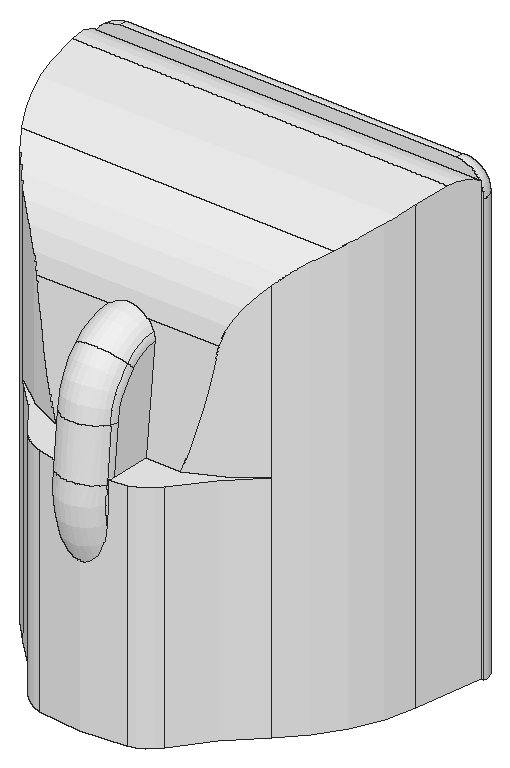
Revit family "Plumbing-Lavatories-Sloan-Valve-SS3200_", category Plumbing Fixtures, host Face, Revit 2019
Family settings
  Host = Face
  Round Connector Dimension = Use Diameter
  Part Type = Normal
  OmniClass Number = 23.45.05.14.14
  OmniClass Title = Sinks/Lavatories
  Cut with Voids When Loaded = Yes
  Shared = No
  Room Calculation Point = No
Parameters (values of type "SS-3200")
  Width = 21"  # constant formula
  Water Flow = 0 GPM
  Waste Connection = yes
  WFU = 3
  Vent Connection = yes
  Valve Pressure Drop = 0.00 psi
  URL = "www.sloanvalve.com"
  Sanitary Drain Connector Description = "Sanitary Drain Connector d3\""
  Sanitary Drain Connection Diameter = 3"  # constant formula
  Product data url = "https://bimobject.com/sloan_valve/product/lavatories_sloan_ss-3200"
  Product Material = Sloan Valve - Vitreous China - White
  Product Guid = ""
  Part Number = "3873200"
  Model = "SS-3200"
  Manufacturer = "Sloan Valve"  # constant formula
  Keynote = "10000"
  Installation Height [instance] = 28"  # constant formula
  Height = 15 7/8"  # constant formula
  HWFU = 0
  HW Connection = yes
  Edition number = 1
  Description = "Vitreous China Healthcare Service Sink."
  Depth = 24 7/8"  # constant formula
  Default Elevation = 0"
  Cold Water Connector Description = "Cold Water Connector d1\""
  Cold Water Connection Diameter = 1"  # constant formula
  CWFU = 3
  CW Connection = yes
  Assembly Code = "D2010400"
  ADA Compliant [instance] = 1 = 2  # no
Types (3): name | Product Material | Part Number | Model | Description
  (no name) | Sloan Valve - Vitreous China - White | "3873200" | "SS-3200" | "Vitreous China Healthcare Service Sink."
  SS-3200 | Sloan Valve - Vitreous China - White | "3873200" | "SS-3200" | "Vitreous China Healthcare Service Sink."
  SS-3200-STG | Sloan Valve - Vitreous China - SloanTec Glaze White | "3873205" | "SS-3200-STG" | "Vitreous China Healthcare Service Sink with SloanTec® Glaze."
Reference planes
  plane 1 "Center (Front/Back)": y = 0
  plane 2: z = 0
  plane 3 "Center (Left/Right)": x = 0
  plane 4: x = -225.425
  plane 5: x = 225.425
  plane 6: y = 711.2
  plane 7: x = -225.425
  plane 8: x = 225.425
  plane 9: y = 255.993
Forms (mm)
  Extrusion 1, solid, material "Sloan Valve - Vitreous China - White" <- "Product Material"
    sketch origin (0, 715.72, 0) x (1, 0, 0) y (0, 1, 0)
      loop
        line (265.852, -25.4) -> (-265.852, -25.4) -> (-251.07, -118.733)
        arc (-251.07, -118.733) -> (-223.629, -199.827) -> (-170.824, -267.213) r 254.199
        arc (-170.824, -267.213) -> (0, -333.166) -> (170.824, -267.213) r 254.199
        arc (170.824, -267.213) -> (223.629, -199.827) -> (251.07, -118.733) r 254.199
        line (251.07, -118.733) -> (265.852, -25.4)
    from 651.121 to -0.794
  Revolve 2, solid, material "Sloan Valve - Finish - Stainless Steel"
    sketch origin (0, 715.72, 0) x (0, 1, 0) y (0, 0, 1)
      loop
        line (0, 69.85) -> (7.968, 69.85) -> (7.968, 98.888) -> (1.618, 98.888) -> (1.618, 105.238) -> (0, 105.238) -> (0, 69.85)
      axis (0, 69.85) -> (7.968, 69.85)
    angle from 0 to 360
  Sweep 3, solid, material "Sloan Valve - Vitreous China - White" <- "Product Material"
    path origin (0, 715.72, 0) x (1, 0, 0) y (0, 0, 1)
      loop
        line (269.875, 0) -> (269.875, 593.725)
        arc (269.875, 593.725) -> (258.716, 620.666) -> (231.775, 631.825) r 38.1
        line (231.775, 631.825) -> (-231.775, 631.825)
        arc (-231.775, 631.825) -> (-258.716, 620.666) -> (-269.875, 593.725) r 38.1
        line (-269.875, 593.725) -> (-269.875, 0)
    profile origin (269.875, 715.72, 296.863) x (-1, 0, 0) y (0, -1, 0)
      loop
        arc (0, 25.4) -> (5.403, 7.651) -> (22.305, 0) r 22.493
        line (22.305, 0) -> (31.75, 0) -> (31.75, 25.4) -> (0, 25.4)
  Extrusion 4, solid, material "Sloan Valve - Vitreous China - White" <- "Product Material"
    sketch origin (0, 715.72, 0) x (1, 0, 0) y (0, 0, 1)
      loop
        arc (238.125, 593.725) -> (236.265, 598.215) -> (231.775, 600.075) r 6.35
        line (231.775, 600.075) -> (-231.775, 600.075)
        arc (-231.775, 600.075) -> (-236.265, 598.215) -> (-238.125, 593.725) r 6.35
        line (-238.125, 593.725) -> (-238.125, 0) -> (238.125, 0) -> (238.125, 593.725)
      loop
        line (181.803, 567.612) -> (-181.803, 567.612)
        arc (-181.803, 567.612) -> (-199.763, 560.173) -> (-207.203, 542.212) r 25.4
        line (-207.203, 542.212) -> (-207.203, 199.181)
        arc (-207.203, 199.181) -> (-200.367, 181.846) -> (-183.538, 173.841) r 25.4
        arc (-183.538, 173.841) -> (0, 167.562) -> (183.538, 173.841) r 2685.713
        arc (183.538, 173.841) -> (200.367, 181.846) -> (207.203, 199.181) r 25.4
        line (207.203, 199.181) -> (207.203, 542.212)
        arc (207.203, 542.212) -> (199.763, 560.173) -> (181.803, 567.612) r 25.4
    from 25.4 to 0
  Extrusion 5, void
    sketch origin (0, 715.72, 0) x (0, 1, 0) y (0, 0, 1)
      loop
        arc (-72.626, 626.59) -> (-41.781, 622.698) -> (-15.141, 606.671) r 75.266
        line (-15.141, 606.671) -> (-15.141, 651.121) -> (-338.952, 651.121) -> (-338.952, 164.381)
        arc (-338.952, 164.381) -> (-317.688, 323.079) -> (-300.138, 482.23) r 6852.507
        arc (-300.138, 482.23) -> (-273.505, 550.064) -> (-215.256, 593.858) r 133.715
        arc (-215.256, 593.858) -> (-145.114, 615.335) -> (-72.626, 626.59) r 513.06
    from 269.875 to -269.875
  Extrusion 6, solid, material "Sloan Valve - Vitreous China - White" <- "Product Material"
    sketch origin (0, 715.72, 0) x (1, 0, 0) y (0, 1, 0)
      loop
        arc (-251.07, -118.733) -> (-223.629, -199.827) -> (-170.824, -267.213) r 254.199
        arc (-170.824, -267.213) -> (-130.007, -308.671) -> (-94.107, -354.452) r 517.088
        arc (-94.107, -354.452) -> (-79.329, -368.846) -> (-60.27, -376.739) r 54.67
        arc (-60.27, -376.739) -> (-0.132, -382.9) -> (60.022, -376.901) r 300.547
        arc (60.022, -376.901) -> (79.182, -369.01) -> (94.033, -354.558) r 54.706
        arc (94.033, -354.558) -> (129.965, -308.72) -> (170.824, -267.213) r 517.088
        arc (170.824, -267.213) -> (223.629, -199.827) -> (251.07, -118.733) r 254.199
        line (251.07, -118.733) -> (265.852, -25.4) -> (-265.852, -25.4) -> (-251.07, -118.733)
    from 320.832 to -0.794
  Sweep 7, solid, material "Sloan Valve - Vitreous China - White" <- "Product Material"
    path origin (0, 715.72, 0) x (0, 1, 0) y (0, 0, 1)
      loop
        arc (-230.796, 470.805) -> (-297.618, 494.337) -> (-363.011, 467.086) r 98.792
        arc (-363.011, 467.086) -> (-389.023, 430.864) -> (-400.05, 387.655) r 120.28
        arc (-400.05, 387.655) -> (-402.962, 352.845) -> (-407.267, 318.179) r 871.496
        arc (-407.267, 318.179) -> (-388.138, 213.136) -> (-309.522, 140.891) r 167.822
    profile origin (0, 326.698, 430.864) x (0, 0.906308, -0.422618) y (1, 0, 0)
      loop
        arc (29.699, -37.427) -> (31.801, -37.931) -> (33.956, -38.1) r 13.798
        line (33.956, -38.1) -> (41.745, -38.1) -> (41.745, 38.1) -> (36.22, 38.1)
        arc (36.22, 38.1) -> (30.575, 37.481) -> (25.199, 35.655) r 26.064
        arc (25.199, 35.655) -> (2.565, -2.418) -> (29.699, -37.427) r 39.346
  Extrusion 8, solid, material "Sloan Valve - Vitreous China - White" <- "Product Material"
    sketch origin (0, 715.72, 0) x (0, 1, 0) y (0, 0, 1)
      loop
        arc (-334.204, 436.872) -> (-351.188, 413.222) -> (-358.388, 385.009) r 78.535
        arc (-358.388, 385.009) -> (-361.44, 348.531) -> (-365.951, 312.205) r 913.241
        arc (-365.951, 312.205) -> (-342.24, 218.793) -> (-259.473, 169.422) r 126.076
        line (-259.473, 169.422) -> (-259.473, 440.344)
        arc (-259.473, 440.344) -> (-297.487, 452.569) -> (-334.204, 436.872) r 57.046
    from 38.1 to -38.1
  Extrusion 9, void
    sketch origin (0, 715.72, 0) x (1, 0, 0) y (0, 1, 0)
      loop
        line (-225.425, -25.4) -> (-220.087, -63.381)
        arc (-220.087, -63.381) -> (0, -254.7) -> (220.087, -63.381) r 222.25
        line (220.087, -63.381) -> (225.425, -25.4) -> (-225.425, -25.4)
    from 567.612 to 147.422
  Extrusion 10, void
    sketch origin (0, 715.72, 0) x (1, 0, 0) y (0, 0, 1)
      loop
        line (269.875, 12.7) -> (269.875, 631.825) -> (-269.875, 631.825) -> (-269.875, 12.7) -> (-53.975, 12.7) -> (-53.975, 64.99)
        arc (-53.975, 64.99) -> (0, 118.965) -> (53.975, 64.99) r 53.975
        line (53.975, 64.99) -> (53.975, 12.7) -> (269.875, 12.7)
    from 4.52 to -0.794
  Extrusion 11, solid, not visible
    sketch origin (0, 715.72, 0) x (1, 0, 0) y (0, 1, 0)
      loop
        circle (0, -177.8) r 38.1
      loop
        circle (120.65, 609.6) r 12.7
    from 0 to 1.017
  Extrusion 12, void
    sketch origin (0, 455.207, 0) x (0, 1, 0) y (0, 0, 1)
      loop
        line (270.066, 0) -> (-136.334, 0) -> (-136.334, -31.75) -> (270.066, -31.75) -> (270.066, 0)
    from -284.7 to 283.766
  Extrusion 13, solid, material "Sloan Valve - Vitreous China - White" <- "Product Material", not visible
    sketch origin (0, 260.513, 0) x (1, 0, 0) y (0, 1, 0)
      loop
        line (265.852, -25.4) -> (-265.852, -25.4) -> (-251.07, -118.733)
        arc (-251.07, -118.733) -> (-223.629, -199.827) -> (-170.824, -267.213) r 254.199
        arc (-170.824, -267.213) -> (0, -333.166) -> (170.824, -267.213) r 254.199
        arc (170.824, -267.213) -> (223.629, -199.827) -> (251.07, -118.733) r 254.199
        line (251.07, -118.733) -> (265.852, -25.4)
    from 651.121 to -0.794
  Revolve 14, solid, material "Sloan Valve - Finish - Stainless Steel", not visible
    sketch origin (0, 260.513, 0) x (0, 1, 0) y (0, 0, 1)
      loop
        line (0, 69.85) -> (7.968, 69.85) -> (7.968, 98.888) -> (1.618, 98.888) -> (1.618, 105.238) -> (0, 105.238) -> (0, 69.85)
      axis (0, 69.85) -> (7.968, 69.85)
    angle from 0 to 360
  Sweep 15, solid, material "Sloan Valve - Vitreous China - White" <- "Product Material", not visible
    path origin (0, 260.513, 0) x (1, 0, 0) y (0, 0, 1)
      loop
        line (269.875, 0) -> (269.875, 593.725)
        arc (269.875, 593.725) -> (258.716, 620.666) -> (231.775, 631.825) r 38.1
        line (231.775, 631.825) -> (-231.775, 631.825)
        arc (-231.775, 631.825) -> (-258.716, 620.666) -> (-269.875, 593.725) r 38.1
        line (-269.875, 593.725) -> (-269.875, 0)
    profile origin (269.875, 260.513, 296.862) x (-1, 0, 0) y (0, -1, 0)
      loop
        arc (0, 25.4) -> (5.403, 7.651) -> (22.305, 0) r 22.493
        line (22.305, 0) -> (31.75, 0) -> (31.75, 25.4) -> (0, 25.4)
  Extrusion 16, solid, material "Sloan Valve - Vitreous China - White" <- "Product Material", not visible
    sketch origin (0, 260.513, 0) x (1, 0, 0) y (0, 0, 1)
      loop
        arc (238.125, 593.725) -> (236.265, 598.215) -> (231.775, 600.075) r 6.35
        line (231.775, 600.075) -> (-231.775, 600.075)
        arc (-231.775, 600.075) -> (-236.265, 598.215) -> (-238.125, 593.725) r 6.35
        line (-238.125, 593.725) -> (-238.125, 0) -> (238.125, 0) -> (238.125, 593.725)
      loop
        line (181.803, 567.612) -> (-181.803, 567.612)
        arc (-181.803, 567.612) -> (-199.763, 560.173) -> (-207.203, 542.212) r 25.4
        line (-207.203, 542.212) -> (-207.203, 199.181)
        arc (-207.203, 199.181) -> (-200.367, 181.846) -> (-183.538, 173.841) r 25.4
        arc (-183.538, 173.841) -> (0, 167.562) -> (183.538, 173.841) r 2685.713
        arc (183.538, 173.841) -> (200.367, 181.846) -> (207.203, 199.181) r 25.4
        line (207.203, 199.181) -> (207.203, 542.212)
        arc (207.203, 542.212) -> (199.763, 560.173) -> (181.803, 567.612) r 25.4
    from 25.4 to 0
  Extrusion 17, void, not visible
    sketch origin (0, 260.513, 0) x (0, 1, 0) y (0, 0, 1)
      loop
        arc (-72.626, 626.59) -> (-41.781, 622.698) -> (-15.141, 606.671) r 75.266
        line (-15.141, 606.671) -> (-15.141, 651.121) -> (-338.952, 651.121) -> (-338.952, 164.381)
        arc (-338.952, 164.381) -> (-317.688, 323.079) -> (-300.138, 482.23) r 6852.507
        arc (-300.138, 482.23) -> (-273.505, 550.064) -> (-215.256, 593.858) r 133.715
        arc (-215.256, 593.858) -> (-145.114, 615.335) -> (-72.626, 626.59) r 513.06
    from 269.875 to -269.875
  Extrusion 18, solid, material "Sloan Valve - Vitreous China - White" <- "Product Material", not visible
    sketch origin (0, 260.513, 0) x (1, 0, 0) y (0, 1, 0)
      loop
        arc (-251.07, -118.733) -> (-223.629, -199.827) -> (-170.824, -267.213) r 254.199
        arc (-170.824, -267.213) -> (-130.007, -308.671) -> (-94.107, -354.452) r 517.088
        arc (-94.107, -354.452) -> (-79.329, -368.846) -> (-60.27, -376.739) r 54.67
        arc (-60.27, -376.739) -> (-0.132, -382.9) -> (60.022, -376.901) r 300.547
        arc (60.022, -376.901) -> (79.182, -369.01) -> (94.033, -354.558) r 54.706
        arc (94.033, -354.558) -> (129.965, -308.72) -> (170.824, -267.213) r 517.088
        arc (170.824, -267.213) -> (223.629, -199.827) -> (251.07, -118.733) r 254.199
        line (251.07, -118.733) -> (265.852, -25.4) -> (-265.852, -25.4) -> (-251.07, -118.733)
    from 320.832 to -0.794
  Sweep 19, solid, material "Sloan Valve - Vitreous China - White" <- "Product Material", not visible
    path origin (0, 260.513, 0) x (0, 1, 0) y (0, 0, 1)
      loop
        arc (-230.796, 470.805) -> (-297.618, 494.337) -> (-363.011, 467.086) r 98.792
        arc (-363.011, 467.086) -> (-389.023, 430.864) -> (-400.05, 387.655) r 120.28
        arc (-400.05, 387.655) -> (-402.962, 352.845) -> (-407.267, 318.179) r 871.496
        arc (-407.267, 318.179) -> (-388.138, 213.136) -> (-309.522, 140.891) r 167.822
    profile origin (0, -128.509, 430.864) x (0, 0.906308, -0.422618) y (1, 0, 0)
      loop
        arc (29.699, -37.427) -> (31.801, -37.931) -> (33.956, -38.1) r 13.798
        line (33.956, -38.1) -> (41.745, -38.1) -> (41.745, 38.1) -> (36.22, 38.1)
        arc (36.22, 38.1) -> (30.575, 37.481) -> (25.199, 35.655) r 26.064
        arc (25.199, 35.655) -> (2.565, -2.418) -> (29.699, -37.427) r 39.346
  Extrusion 20, solid, material "Sloan Valve - Vitreous China - White" <- "Product Material", not visible
    sketch origin (0, 260.513, 0) x (0, 1, 0) y (0, 0, 1)
      loop
        arc (-334.204, 436.872) -> (-351.188, 413.222) -> (-358.388, 385.009) r 78.535
        arc (-358.388, 385.009) -> (-361.44, 348.531) -> (-365.951, 312.205) r 913.241
        arc (-365.951, 312.205) -> (-342.24, 218.793) -> (-259.473, 169.422) r 126.076
        line (-259.473, 169.422) -> (-259.473, 440.344)
        arc (-259.473, 440.344) -> (-297.487, 452.569) -> (-334.204, 436.872) r 57.046
    from 38.1 to -38.1
  Extrusion 21, void, not visible
    sketch origin (0, 260.513, 0) x (1, 0, 0) y (0, 1, 0)
      loop
        line (-225.425, -25.4) -> (-220.087, -63.381)
        arc (-220.087, -63.381) -> (0, -254.7) -> (220.087, -63.381) r 222.25
        line (220.087, -63.381) -> (225.425, -25.4) -> (-225.425, -25.4)
    from 567.612 to 147.422
  Extrusion 22, void, not visible
    sketch origin (0, 260.513, 0) x (1, 0, 0) y (0, 0, 1)
      loop
        line (269.875, 12.7) -> (269.875, 631.825) -> (-269.875, 631.825) -> (-269.875, 12.7) -> (-53.975, 12.7) -> (-53.975, 64.99)
        arc (-53.975, 64.99) -> (0, 118.965) -> (53.975, 64.99) r 53.975
        line (53.975, 64.99) -> (53.975, 12.7) -> (269.875, 12.7)
    from 4.52 to -0.794
  Extrusion 23, solid, not visible
    sketch origin (0, 260.513, 0) x (1, 0, 0) y (0, 1, 0)
      loop
        circle (0, -177.8) r 38.1
      loop
        circle (120.65, 609.6) r 12.7
    from 0 to 1.017
  Extrusion 24, void, not visible
    sketch origin (0, 0, 0) x (0, 1, 0) y (0, 0, 1)
      loop
        line (270.066, 0) -> (-136.334, 0) -> (-136.334, -31.75) -> (270.066, -31.75) -> (270.066, 0)
    from -284.7 to 283.766
Cuts and joins
  Extrusion 5, Extrusion 9, Extrusion 12 cuts Extrusion 1
  Extrusion 9, Extrusion 10 cuts Sweep 3
  Extrusion 9, Extrusion 10 cuts Extrusion 4
  Extrusion 9, Extrusion 12 cuts Extrusion 6
  Extrusion 9 cuts Sweep 7
  Extrusion 9 cuts Extrusion 8
  joined: Extrusion 1, Sweep 3, Extrusion 4, Extrusion 6, Sweep 7, Extrusion 8
Lines and regions (mm)
  Masking region 1
    outline origin (0, 0, 0) x (1, 0, 0) y (0, 0, 1)
      loop
        line (-269.875, 0) -> (269.875, 0) -> (269.875, 593.725)
        arc (269.875, 593.725) -> (268.856, 602.479) -> (265.852, 610.765) r 38.1
        arc (265.852, 610.765) -> (264.781, 612.758) -> (263.593, 614.683) r 38.1
        arc (263.593, 614.683) -> (249.846, 627.267) -> (231.775, 631.825) r 38.1
        line (231.775, 631.825) -> (-231.775, 631.825)
        arc (-231.775, 631.825) -> (-249.846, 627.267) -> (-263.593, 614.683) r 38.1
        arc (-263.593, 614.683) -> (-264.781, 612.758) -> (-265.852, 610.765) r 38.1
        arc (-265.852, 610.765) -> (-268.856, 602.479) -> (-269.875, 593.725) r 38.1
        line (-269.875, 593.725) -> (-269.875, 0)
  symbolic lines, detail levels medium+fine
    curve 1: arc (-207.203, 0, 199.181) -> (-200.367, 0, 181.846) -> (-183.538, 0, 173.841) r 25.4
    curve 2: arc (-183.538, 0, 173.841) -> (0, 0, 167.562) -> (183.538, 0, 173.841) r 2685.713
    curve 3: arc (183.538, 0, 173.841) -> (200.367, 0, 181.846) -> (207.203, 0, 199.181) r 25.4
    curve 4: line (207.203, 0, 199.181) -> (207.203, 0, 542.212)
    curve 5: arc (207.203, 0, 542.212) -> (199.763, 0, 560.173) -> (181.803, 0, 567.612) r 25.4
    curve 6: line (181.803, 0, 567.612) -> (-181.803, 0, 567.612)
    curve 7: arc (-181.803, 0, 567.612) -> (-199.763, 0, 560.173) -> (-207.203, 0, 542.212) r 25.4
    curve 8: line (-207.203, 0, 542.212) -> (-207.203, 0, 199.181)
  symbolic lines, detail levels fine
    curve 9: line (-53.975, 0, 12.7) -> (-53.975, 0, 64.99)
    curve 10: line (53.975, 0, 64.99) -> (53.975, 0, 12.7)
    curve 11: arc (-53.975, 0, 64.99) -> (0, 0, 118.965) -> (53.975, 0, 64.99) r 53.975
    curve 12: circle (0, 0, 69.85) r 35.388 normal (0, -1, 0)
    curve 13: circle (0, 0, 69.85) r 29.038 normal (0, -1, 0)
    curve 14: line (-53.975, 0, 12.7) -> (-269.875, 0, 12.7)
    curve 15: line (53.975, 0, 12.7) -> (269.875, 0, 12.7)
Dimensions and locks
  Extrusion 4 sketch curve to Extrusion 4 sketch curve = 16.31517"
  Extrusion 16 sketch curve to Extrusion 16 sketch curve = 16.31517"
  "Installation Height": plane 6 to plane 1 "Center (Front/Back)"
  locked: Extrusion 11 sketch curve to Extrusion 11 sketch curve (diameter 1")
  locked: Extrusion 11 sketch curve to Extrusion 11 sketch curve (diameter 3")
  locked: Extrusion 23 sketch curve to Extrusion 23 sketch curve (diameter 1")
  locked: Extrusion 23 sketch curve to Extrusion 23 sketch curve (diameter 3")
  aligned and locked: plane 2 to host face
  aligned and locked: level to host face
  aligned and locked: Sweep 7 to Extrusion 8
  aligned and locked: Extrusion 8 to Sweep 7
Automatic sketch dimensions
  host sketch curve to host sketch curve = 96"  (x2)
  Extrusion 1 sketch curve to Extrusion 1 sketch curve = 0"  (x6)
  Extrusion 1 sketch curve to plane 6 = 0.82204"
  Extrusion 1 sketch curve to plane 6 = 4.49656"  (x2)
  Extrusion 1 sketch curve to Extrusion 1 sketch curve = 0.58199"  (x2)
  Extrusion 1 sketch curve to plane 6 = 2.93099"
  Extrusion 1 sketch curve to Extrusion 1 sketch curve = 9.88463"
  Extrusion 1 sketch curve to Extrusion 1 sketch curve = 3.15929"  (x2)
  plane 6 to Revolve 2 sketch curve = 0.17796"
  Revolve 2 sketch curve to Revolve 2 sketch curve = 0.0637"
  Revolve 2 sketch curve to Revolve 2 sketch curve = 1/4"  (x2)
  Revolve 2 sketch curve to Revolve 2 sketch curve = 1.14324"
  Revolve 2 sketch curve to Revolve 2 sketch curve = 0.43419"
  Revolve 2 sketch curve to Revolve 2 sketch curve = 0.29549"
  Revolve 2 sketch curve to Revolve 2 sketch curve = 0"
  Sweep 3 sketch curve to Sweep 3 sketch curve = 1 1/2"  (x2)
  Sweep 3 sketch curve to Sweep 3 sketch curve = 18 1/4"
  Sweep 3 sketch curve to Sweep 3 sketch curve = 23 3/8"
  Sweep 3 sketch curve to Sweep 3 sketch curve = 0"
  Sweep 3 sketch curve to profile plane = 0"
  profile plane to Sweep 3 sketch curve = 0"
  Sweep 3 sketch curve to profile plane = 0.87814"
  Sweep 3 sketch curve to Sweep 3 sketch curve = 0.37186"
  Sweep 3 sketch curve to Sweep 3 sketch curve = 0.88556"
  Extrusion 4 sketch curve to Extrusion 4 sketch curve = 1/4"
  Extrusion 4 sketch curve to Extrusion 4 sketch curve = 0.96742"
  Extrusion 4 sketch curve to Extrusion 4 sketch curve = 1"  (x4)
  Extrusion 4 sketch curve to Extrusion 4 sketch curve = 9 1/8"
  Extrusion 4 sketch curve to Extrusion 4 sketch curve = 1.96742"
  Extrusion 4 sketch curve to Extrusion 4 sketch curve = 1.21742"
  Extrusion 4 sketch curve to Extrusion 4 sketch curve = 7.84179"  (x2)
  Extrusion 4 sketch curve to Extrusion 4 sketch curve = 13.50514"
  Extrusion 4 sketch curve to Extrusion 4 sketch curve = 2.02807"
  Extrusion 4 sketch curve to Extrusion 4 sketch curve = 88.70868"
  Extrusion 4 sketch curve to Extrusion 4 sketch curve = 0"
  Extrusion 5 sketch curve to plane 6 = 280.12396"
  Extrusion 5 sketch curve to plane 6 = 13.1666"
  Extrusion 5 sketch curve to plane 6 = 6.39945"
  Extrusion 5 sketch curve to plane 6 = 2.43717"
  Extrusion 5 sketch curve to plane 6 = 1.01706"
  Extrusion 5 sketch curve to plane 6 = 0.41815"
  Extrusion 5 sketch curve to Extrusion 5 sketch curve = 1.93331"
  Extrusion 5 sketch curve to Extrusion 5 sketch curve = 11.9979"
  Extrusion 5 sketch curve to Extrusion 5 sketch curve = 3.24615"
  Extrusion 5 sketch curve to Extrusion 5 sketch curve = 2.16895"
  Extrusion 5 sketch curve to Extrusion 5 sketch curve = 1 3/4"
  Extrusion 5 sketch curve to Extrusion 5 sketch curve = 19.78624"
  Extrusion 5 sketch curve to Extrusion 5 sketch curve = 0"  (x2)
  Extrusion 6 sketch curve to Extrusion 6 sketch curve = 0"  (x7)
  Extrusion 6 sketch curve to plane 6 = 25.4181"
  Extrusion 6 sketch curve to plane 6 = 0.82204"
  Extrusion 6 sketch curve to Extrusion 6 sketch curve = 9.93929"
  Extrusion 6 sketch curve to plane 6 = 4.49656"  (x2)
  Extrusion 6 sketch curve to Extrusion 6 sketch curve = 0.58199"  (x2)
  Extrusion 6 sketch curve to Extrusion 6 sketch curve = 7.94536"
  Extrusion 6 sketch curve to plane 6 = 2.93099"
  Extrusion 6 sketch curve to Extrusion 6 sketch curve = 1.93927"
  Extrusion 6 sketch curve to Extrusion 6 sketch curve = 0.01066"
  Extrusion 6 sketch curve to Extrusion 6 sketch curve = 3.87415"
  Extrusion 6 sketch curve to Extrusion 6 sketch curve = 9.87396"
  Extrusion 6 sketch curve to Extrusion 6 sketch curve = 18.47102"
  Extrusion 6 sketch curve to Extrusion 6 sketch curve = 20.92154"
  Extrusion 6 sketch curve to Extrusion 6 sketch curve = 2.20763"
  Extrusion 6 sketch curve to Extrusion 6 sketch curve = 0.0038"
  Extrusion 6 sketch curve to Extrusion 6 sketch curve = 0.13329"
  Sweep 7 sketch curve to plane 6 = 49.81391"
  Sweep 7 sketch curve to plane 6 = 11.4299"
  Sweep 7 sketch curve to Sweep 7 sketch curve = 0.58378"
  Sweep 7 sketch curve to Sweep 7 sketch curve = 1.5291"
  Sweep 7 sketch curve to Sweep 7 sketch curve = 3.38064"
  Sweep 7 sketch curve to Sweep 7 sketch curve = 0.61231"
  Sweep 7 sketch curve to Sweep 7 sketch curve = 1.86249"
  Sweep 7 sketch curve to Sweep 7 sketch curve = 4.42628"
  Sweep 7 sketch curve to Sweep 7 sketch curve = 0"  (x4)
  Sweep 7 sketch curve to Sweep 7 sketch curve = 2.69094"
  Sweep 7 sketch curve to Sweep 7 sketch curve = 2.5214"
  Sweep 7 sketch curve to profile plane = 0"
  Sweep 7 sketch curve to profile plane = 1.33684"
  profile plane to Sweep 7 sketch curve = 0.47386"
  Sweep 7 sketch curve to profile plane = 1.42599"
  Sweep 7 sketch curve to Sweep 7 sketch curve = 0.21753"
  Sweep 7 sketch curve to Sweep 7 sketch curve = 0.22112"
  Sweep 7 sketch curve to profile plane = 0.95675"
  Sweep 7 sketch curve to Sweep 7 sketch curve = 0.54325"
  Sweep 7 sketch curve to Sweep 7 sketch curve = 1.02614"
  Extrusion 8 sketch curve to plane 6 = 49.81391"
  Extrusion 8 sketch curve to plane 6 = 11.4299"
  Extrusion 8 sketch curve to Extrusion 8 sketch curve = 0.58378"
  Extrusion 8 sketch curve to Extrusion 8 sketch curve = 207/256"
  Extrusion 8 sketch curve to Extrusion 8 sketch curve = 1.5291"
  Extrusion 8 sketch curve to Extrusion 8 sketch curve = 4.91107"
  Extrusion 8 sketch curve to Extrusion 8 sketch curve = 3.38064"
  Extrusion 8 sketch curve to Extrusion 8 sketch curve = 0.61231"
  Extrusion 8 sketch curve to Extrusion 8 sketch curve = 1.76221"
  Extrusion 8 sketch curve to Extrusion 8 sketch curve = 0.23697"
  Extrusion 8 sketch curve to Extrusion 8 sketch curve = 0"  (x2)
  Extrusion 9 sketch curve to plane 4 = 0"
  Extrusion 9 sketch curve to plane 5 = 0"
  plane 4 to Extrusion 9 sketch curve = 0.21015"
  Extrusion 9 sketch curve to plane 6 = 1.0996"
  Extrusion 9 sketch curve to Extrusion 9 sketch curve = 8.66485"
  plane 5 to Extrusion 9 sketch curve = 0.21015"
  Extrusion 9 sketch curve to plane 6 = 2.31737"
  Extrusion 9 sketch curve to plane 6 = 0.82204"
  Extrusion 10 sketch curve to Extrusion 10 sketch curve = 8 1/2"
  Extrusion 10 sketch curve to Extrusion 10 sketch curve = 2 1/8"
  Extrusion 10 sketch curve to Extrusion 10 sketch curve = 21 1/4"
  Extrusion 10 sketch curve to Extrusion 10 sketch curve = 0"
  Extrusion 10 sketch curve to Extrusion 10 sketch curve = 2.05865"
  Extrusion 10 sketch curve to Extrusion 10 sketch curve = 22.31635"
  Extrusion 11 sketch curve to plane 6 = 6.82204"
  Extrusion 11 sketch curve to Extrusion 11 sketch curve = 4 3/4"
  plane 6 to Extrusion 11 sketch curve = 24.17796"
  Extrusion 12 sketch curve to plane 6 = 15.44597"
  plane 6 to Extrusion 12 sketch curve = 0.55403"
  Extrusion 12 sketch curve to Extrusion 12 sketch curve = 1 1/4"
  Extrusion 13 sketch curve to Extrusion 13 sketch curve = 0"  (x6)
  Extrusion 13 sketch curve to plane 9 = 0.82204"
  Extrusion 13 sketch curve to plane 9 = 4.49656"  (x2)
  Extrusion 13 sketch curve to Extrusion 13 sketch curve = 0.58199"  (x2)
  Extrusion 13 sketch curve to plane 9 = 2.93099"
  Extrusion 13 sketch curve to Extrusion 13 sketch curve = 9.88463"
  Extrusion 13 sketch curve to Extrusion 13 sketch curve = 3.15929"  (x2)
  plane 9 to Revolve 14 sketch curve = 0.17796"
  Revolve 14 sketch curve to Revolve 14 sketch curve = 0.0637"
  Revolve 14 sketch curve to Revolve 14 sketch curve = 1/4"  (x2)
  Revolve 14 sketch curve to Revolve 14 sketch curve = 1.14324"
  Revolve 14 sketch curve to Revolve 14 sketch curve = 0.43419"
  Revolve 14 sketch curve to Revolve 14 sketch curve = 0.29549"
  Revolve 14 sketch curve to Revolve 14 sketch curve = 0"
  Sweep 15 sketch curve to Sweep 15 sketch curve = 1 1/2"  (x2)
  Sweep 15 sketch curve to Sweep 15 sketch curve = 18 1/4"
  Sweep 15 sketch curve to Sweep 15 sketch curve = 23 3/8"
  Sweep 15 sketch curve to Sweep 15 sketch curve = 0"
  Sweep 15 sketch curve to profile plane = 0"
  profile plane to Sweep 15 sketch curve = 0"
  Sweep 15 sketch curve to profile plane = 0.87814"
  Sweep 15 sketch curve to Sweep 15 sketch curve = 0.37186"
  Sweep 15 sketch curve to Sweep 15 sketch curve = 0.88556"
  Extrusion 16 sketch curve to Extrusion 16 sketch curve = 1/4"
  Extrusion 16 sketch curve to Extrusion 16 sketch curve = 0.96742"
  Extrusion 16 sketch curve to Extrusion 16 sketch curve = 1"  (x4)
  Extrusion 16 sketch curve to Extrusion 16 sketch curve = 9 1/8"
  Extrusion 16 sketch curve to Extrusion 16 sketch curve = 1.96742"
  Extrusion 16 sketch curve to Extrusion 16 sketch curve = 1.21742"
  Extrusion 16 sketch curve to Extrusion 16 sketch curve = 7.84179"  (x2)
  Extrusion 16 sketch curve to Extrusion 16 sketch curve = 13.50514"
  Extrusion 16 sketch curve to Extrusion 16 sketch curve = 2.02807"
  Extrusion 16 sketch curve to Extrusion 16 sketch curve = 88.70868"
  Extrusion 16 sketch curve to Extrusion 16 sketch curve = 0"
  Extrusion 17 sketch curve to plane 9 = 280.12396"
  Extrusion 17 sketch curve to plane 9 = 13.1666"
  Extrusion 17 sketch curve to plane 9 = 6.39945"
  Extrusion 17 sketch curve to plane 9 = 2.43717"
  Extrusion 17 sketch curve to plane 9 = 1.01706"
  Extrusion 17 sketch curve to plane 9 = 0.41815"
  Extrusion 17 sketch curve to Extrusion 17 sketch curve = 1.93331"
  Extrusion 17 sketch curve to Extrusion 17 sketch curve = 11.9979"
  Extrusion 17 sketch curve to Extrusion 17 sketch curve = 3.24615"
  Extrusion 17 sketch curve to Extrusion 17 sketch curve = 2.16895"
  Extrusion 17 sketch curve to Extrusion 17 sketch curve = 1 3/4"
  Extrusion 17 sketch curve to Extrusion 17 sketch curve = 19.78624"
  Extrusion 17 sketch curve to Extrusion 17 sketch curve = 0"  (x2)
  Extrusion 18 sketch curve to Extrusion 18 sketch curve = 0"  (x7)
  Extrusion 18 sketch curve to plane 9 = 25.4181"
  Extrusion 18 sketch curve to plane 9 = 0.82204"
  Extrusion 18 sketch curve to Extrusion 18 sketch curve = 9.93929"
  Extrusion 18 sketch curve to plane 9 = 4.49656"  (x2)
  Extrusion 18 sketch curve to Extrusion 18 sketch curve = 0.58199"  (x2)
  Extrusion 18 sketch curve to Extrusion 18 sketch curve = 7.94536"
  Extrusion 18 sketch curve to plane 9 = 2.93099"
  Extrusion 18 sketch curve to Extrusion 18 sketch curve = 1.93927"
  Extrusion 18 sketch curve to Extrusion 18 sketch curve = 0.01066"
  Extrusion 18 sketch curve to Extrusion 18 sketch curve = 3.87415"
  Extrusion 18 sketch curve to Extrusion 18 sketch curve = 9.87396"
  Extrusion 18 sketch curve to Extrusion 18 sketch curve = 18.47102"
  Extrusion 18 sketch curve to Extrusion 18 sketch curve = 20.92154"
  Extrusion 18 sketch curve to Extrusion 18 sketch curve = 2.20763"
  Extrusion 18 sketch curve to Extrusion 18 sketch curve = 0.0038"
  Extrusion 18 sketch curve to Extrusion 18 sketch curve = 0.13329"
  Sweep 19 sketch curve to plane 9 = 49.81391"
  Sweep 19 sketch curve to plane 9 = 11.4299"
  Sweep 19 sketch curve to Sweep 19 sketch curve = 0.58378"
  Sweep 19 sketch curve to Sweep 19 sketch curve = 1.5291"
  Sweep 19 sketch curve to Sweep 19 sketch curve = 3.38064"
  Sweep 19 sketch curve to Sweep 19 sketch curve = 0.61231"
  Sweep 19 sketch curve to Sweep 19 sketch curve = 1.86249"
  Sweep 19 sketch curve to Sweep 19 sketch curve = 4.42628"
  Sweep 19 sketch curve to Sweep 19 sketch curve = 0"  (x4)
  Sweep 19 sketch curve to Sweep 19 sketch curve = 2.69094"
  Sweep 19 sketch curve to Sweep 19 sketch curve = 2.5214"
  Sweep 19 sketch curve to profile plane = 0"
  Sweep 19 sketch curve to profile plane = 1.33684"
  profile plane to Sweep 19 sketch curve = 0.47386"
  Sweep 19 sketch curve to profile plane = 1.42599"
  Sweep 19 sketch curve to Sweep 19 sketch curve = 0.21753"
  Sweep 19 sketch curve to Sweep 19 sketch curve = 0.22112"
  Sweep 19 sketch curve to profile plane = 0.95675"
  Sweep 19 sketch curve to Sweep 19 sketch curve = 0.54325"
  Sweep 19 sketch curve to Sweep 19 sketch curve = 1.02614"
  Extrusion 20 sketch curve to plane 9 = 49.81391"
  Extrusion 20 sketch curve to plane 9 = 11.4299"
  Extrusion 20 sketch curve to Extrusion 20 sketch curve = 0.58378"
  Extrusion 20 sketch curve to Extrusion 20 sketch curve = 207/256"
  Extrusion 20 sketch curve to Extrusion 20 sketch curve = 1.5291"
  Extrusion 20 sketch curve to Extrusion 20 sketch curve = 4.91107"
  Extrusion 20 sketch curve to Extrusion 20 sketch curve = 3.38064"
  Extrusion 20 sketch curve to Extrusion 20 sketch curve = 0.61231"
  Extrusion 20 sketch curve to Extrusion 20 sketch curve = 1.76221"
  Extrusion 20 sketch curve to Extrusion 20 sketch curve = 0.23697"
  Extrusion 20 sketch curve to Extrusion 20 sketch curve = 0"  (x2)
  Extrusion 21 sketch curve to plane 7 = 0"
  Extrusion 21 sketch curve to plane 8 = 0"
  plane 7 to Extrusion 21 sketch curve = 0.21015"
  Extrusion 21 sketch curve to plane 9 = 1.0996"
  Extrusion 21 sketch curve to Extrusion 21 sketch curve = 8.66485"
  plane 8 to Extrusion 21 sketch curve = 0.21015"
  Extrusion 21 sketch curve to plane 9 = 2.31737"
  Extrusion 21 sketch curve to plane 9 = 0.82204"
  Extrusion 22 sketch curve to Extrusion 22 sketch curve = 8 1/2"
  Extrusion 22 sketch curve to Extrusion 22 sketch curve = 2 1/8"
  Extrusion 22 sketch curve to Extrusion 22 sketch curve = 21 1/4"
  Extrusion 22 sketch curve to Extrusion 22 sketch curve = 0"
  Extrusion 22 sketch curve to Extrusion 22 sketch curve = 2.05865"
  Extrusion 22 sketch curve to Extrusion 22 sketch curve = 22.31635"
  Extrusion 23 sketch curve to plane 9 = 6.82204"
  Extrusion 23 sketch curve to Extrusion 23 sketch curve = 4 3/4"
  plane 9 to Extrusion 23 sketch curve = 24.17796"
  Extrusion 24 sketch curve to plane 9 = 15.44597"
  plane 9 to Extrusion 24 sketch curve = 0.55403"
  Extrusion 24 sketch curve to Extrusion 24 sketch curve = 1 1/4"
  curve 12 to curve 13 = 0"  (x2)
  curve 11 to plane 3 "Center (Left/Right)" = 0"
  curve 13 to plane 3 "Center (Left/Right)" = 0"
  curve 2 to plane 3 "Center (Left/Right)" = 0"
  level to curve 14 = 1/2"
  curve 14 to plane 3 "Center (Left/Right)" = 2 1/8"
  curve 6 to plane 3 "Center (Left/Right)" = 7.15758"
  curve 1 to plane 3 "Center (Left/Right)" = 7.15758"
  curve 8 to curve 1 = 1"
  plane 3 "Center (Left/Right)" to curve 6 = 7.15758"
  plane 3 "Center (Left/Right)" to curve 3 = 7.15758"
  curve 3 to curve 4 = 1"
  level to curve 10 = 1/2"
  curve 10 to curve 10 = 2.05865"
  curve 11 to curve 13 = 0.19135"
  curve 15 to curve 4 = 7.34179"
  curve 9 to curve 1 = 5.28314"
  curve 1 to curve 8 = 13.50514"
  curve 6 to curve 2 = 89.98675"
  curve 2 to curve 1 = 0"
  curve 14 to curve 1 = 3.39908"
  curve 3 to curve 15 = 3.39908"
  Masking region 1 sketch curve to Masking region 1 sketch curve = 0"  (x12)
  Masking region 1 sketch curve to level = 0"
  Masking region 1 sketch curve to plane 3 "Center (Left/Right)" = 10 5/8"
  Masking region 1 sketch curve to Masking region 1 sketch curve = 1 1/2"  (x2)
  plane 3 "Center (Left/Right)" to Masking region 1 sketch curve = 9 1/8"
  Masking region 1 sketch curve to Masking region 1 sketch curve = 23 3/8"
  Masking region 1 sketch curve to Masking region 1 sketch curve = 0.15838"
  Masking region 1 sketch curve to Masking region 1 sketch curve = 0.08895"  (x2)
  Masking region 1 sketch curve to Masking region 1 sketch curve = 0.24733"
  radius of curve 12 = 1.39324"
  radius of curve 13 = 1.14324"
Connectors
  piping at (120.65, 1325.32, 0), diameter 25.4, driven by "Cold Water Connection Diameter", driven by "CWFU", driven by "Valve Pressure Drop", driven by "Cold Water Connector Description"
    settings: on Extrusion 11, index 1, connector inside diameter 24", connector length 0", flow factor 0, pipe flow 0 GPM, pressure drop 0.00 psi, fitting loss kfactor 0, connector angle 0.00°, fixture units 3, engagement length 0", angle of deflection 0.00°, flow configuration 3, flow direction 1, fitting loss method 4, system type 20, joint type 0, gender type 0, connector reference index -1, connector utility 0, adjustable connector no, is connector primary yes, connector description "Cold Water Connector d1\""
  piping at (0, 537.92, 0), diameter 76.2, driven by "Sanitary Drain Connection Diameter", driven by "WFU", driven by "Sanitary Drain Connector Description"
    settings: on Extrusion 11, index 2, connector inside diameter 24", connector length 0", flow factor 0, pipe flow 0 GPM, pressure drop 0.00 psi, fitting loss kfactor 0, connector angle 0.00°, fixture units 3, engagement length 0", angle of deflection 0.00°, flow configuration 3, flow direction 2, fitting loss method 0, system type 16, joint type 0, gender type 0, connector reference index -1, connector utility 0, adjustable connector no, is connector primary no, connector description "Sanitary Drain Connector d3\""
